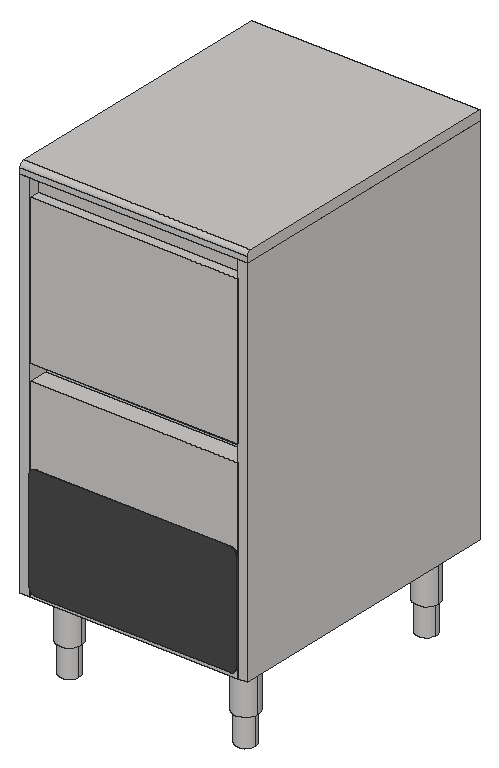
Revit family "QF_ELECTROLUXPROFESSIONAL_730321_ICB47I20SDP", category Attrezzature speciali, Revit 2018
Family settings
  Quota connettore circolare = Usa diametro
  Tipo di parte = Normale
  Basato su piano di lavoro = No
  Sempre verticale = Sì
  Taglio con vuoti quando caricato = No
  Condiviso = No
  Punto di calcolo locali = No
Parameters (values of type "Standard")
  Weight = 45.00 kg
  Watts = 1000 W
  Volts = 220 V
  URL Manufacturer = "https://www.electroluxprofessional.com/"
  URL = "https://www.electroluxprofessional.com/"
  Steam Supply Size = 0 mm
  Steam Supply Minimum Pressure = 0.0 Pa
  Steam Supply Maximum Pressure = 0.0 Pa
  Steam Pounds per Hour = 0
  Show Logo [instance] = yes
  Show Clearance [instance] = yes
  Refrigeration Suction Line Size = 0 mm
  Refrigeration Liquid Line Size = 0 mm
  Refrigerant Compressor Remote = yes
  Produttore = "Electrolux Professional"
  Phase = 1
  Modello = "ICB47I20SDP"
  Length Actual = 465 mm  # constant formula
  Item Number = "730321"
  Hot Water Size = 0 mm
  Height Actual = 894 mm  # constant formula
  HP = "1.3 HP"
  Gas Size = 0 mm
  Gas KW = 0
  Gas Input Pressure = 0 W
  Descrizione = "AIR COOLED ICE CUBER 22GR 47KG/24H-BIN 20KG DRAIN PUMP"
  Depth Actual = 595 mm  # constant formula
  Cycle = 50 Hz
  Condensate Return Size = 0 mm
  Compressed Air Volume = 0.0 L/s
  Compressed Air Size = 0 mm
  Compressed Air Pressure = 0.0 Pa
  Cold Water Size = 19.05 mm
  Accessory = yes
Reference planes
  plane 1 "Center X": y = 272.851
  plane 2: z = 0
  plane 3 "Center Y": x = -501.5
  plane 4 "LEFT": x = -734
  plane 5 "RIGHT": x = -269
  plane 6 "FRONT": y = -24.149
  plane 7 "BACK": y = 569.851
  plane 8: z = 155
  plane 9: z = 944
  plane 10: z = 924
  plane 11: x = -714
  plane 12: x = -289
  plane 13: y = 15.851
Forms (mm)
  Extrusion 1, solid, material "QF_Finishes_Black"
    sketch origin (-217.296, -24.149, 371.513) x (-1, 0, 0) y (0, 0, -1)
      loop
        arc (481.704, -21.487) -> (492.311, -17.093) -> (496.704, -6.487) r 15
        line (496.704, -6.487) -> (496.704, 194.469)
        arc (496.704, 194.469) -> (492.311, 205.075) -> (481.704, 209.469) r 15
        line (481.704, 209.469) -> (86.704, 209.469)
        arc (86.704, 209.469) -> (76.097, 205.075) -> (71.704, 194.469) r 15
        line (71.704, 194.469) -> (71.704, -6.487)
        arc (71.704, -6.487) -> (76.097, -17.093) -> (86.704, -21.487) r 15
        line (86.704, -21.487) -> (481.704, -21.487)
    from 0 to 2
  Extrusion 2, solid, material "QF_Finishes_Stainless Steel"
    sketch origin (-501.5, 0, 0) x (0, 1, 0) y (0, 0, 1)
      loop
        line (569.851, 924) -> (569.851, 944) -> (-14.149, 944)
        arc (-14.149, 944) -> (-21.22, 941.071) -> (-24.149, 934) r 10
        line (-24.149, 934) -> (-24.149, 924) -> (569.851, 924)
    from -232.5 to 232.5
  Extrusion 3, solid, material "QF_Finishes_Stainless Steel"
    sketch origin (-321.2, 569.851, -329.545) x (1, 0, 0) y (0, 0, -1)
      loop
        circle (-16.8, -655.545) r 10
    from 0 to 10
  Extrusion 4, solid, material "QF_Finishes_Stainless Steel"
    sketch origin (0, 0, 0) x (1, 0, 0) y (0, 1, 0)
      loop
        line (-734, 569.851) -> (-734, -24.149) -> (-714, -24.149) -> (-714, 569.851) -> (-734, 569.851)
    from 155 to 924
  Extrusion 5, solid, material "QF_Finishes_Stainless Steel"
    sketch origin (0, 0, 0) x (1, 0, 0) y (0, 1, 0)
      loop
        line (-289, 569.851) -> (-289, -24.149) -> (-269, -24.149) -> (-269, 569.851) -> (-289, 569.851)
    from 155 to 924
  Extrusion 6, solid, material "QF_Finishes_Stainless Steel"
    sketch origin (0, 0, 0) x (1, 0, 0) y (0, 1, 0)
      loop
        line (-714, 569.851) -> (-714, 15.851) -> (-289, 15.851) -> (-289, 569.851) -> (-714, 569.851)
    from 155 to 924
  Extrusion 7, solid, material "QF_Finishes_Stainless Steel"
    sketch origin (0, 0, 0) x (1, 0, 0) y (0, 1, 0)
      loop
        line (-714, -24.149) -> (-289, -24.149) -> (-289, 15.851) -> (-714, 15.851) -> (-714, -24.149)
    from 155 to 550.848
  Extrusion 8, solid, material "QF_Finishes_Stainless Steel"
    sketch origin (-501.5, 0, 0) x (0, 1, 0) y (0, 0, 1)
      loop
        line (15.851, 924) -> (-4.149, 924) -> (-4.149, 888) -> (-24.149, 888) -> (-24.149, 584.768) -> (-4.149, 584.768) -> (-4.149, 569) -> (15.851, 569) -> (15.851, 924)
    from -212.5 to 212.5
  Extrusion 9, solid, material "QF_Finishes_Stainless Steel"
    sketch origin (-303.2, 569.851, -440.545) x (1, 0, 0) y (0, 0, -1)
      loop
        circle (-16.8, -655.545) r 10
    from 0 to 10
  Extrusion 10, solid, material "QF_Finishes_Stainless Steel"
    sketch origin (-363.2, 569.851, -361.545) x (1, 0, 0) y (0, 0, -1)
      loop
        circle (-16.8, -655.545) r 10
    from 0 to 10
Lines and regions (mm)
  Split face 1
    outline origin (-501.5, -4.149, 924) x (0, 0, -1) y (1, 0, 0)
      loop
        line (5.715, 89.928) -> (30.715, 89.928) -> (30.715, 129.928) -> (5.715, 129.928) -> (5.715, 89.928)
  symbolic lines
    curve 1: line (-734, 569.851, 0) -> (-269, 569.851, 0)
    curve 2: line (-734, -24.149, 0) -> (-734, 569.851, 0)
    curve 3: line (-269, -24.149, 0) -> (-734, -24.149, 0)
    curve 4: line (-269, 569.851, 0) -> (-269, -24.149, 0)
Dimensions and locks
  equal spacing: plane 4 "LEFT", plane 3 "Center Y", plane 5 "RIGHT"
  plane 4 "LEFT" to plane 5 "RIGHT" = 465 mm
  equal spacing: plane 7 "BACK", plane 1 "Center X", plane 6 "FRONT"
  plane 7 "BACK" to plane 6 "FRONT" = 594 mm
  plane 8 to plane 2 = 155 mm
  plane 9 to plane 8 = 789 mm
  locked: plane 4 "LEFT" to plane 11 at 20
  locked: plane 12 to plane 5 "RIGHT" at 20
  locked: plane 9 to plane 10 at 20
  locked: plane 13 to plane 6 "FRONT" at 40
  aligned and locked: level to plane 2
  aligned and locked: plane 5 "RIGHT" to Extrusion 2
  aligned and locked: Extrusion 2 to plane 4 "LEFT"
  aligned and locked: Extrusion 4 sketch curve to Extrusion 2  (x2)
  aligned and locked: plane 6 "FRONT" to Extrusion 4 sketch curve
  aligned and locked: Extrusion 4 sketch curve to plane 11
  aligned and locked: Extrusion 5 sketch curve to plane 7 "BACK"
  aligned and locked: plane 12 to Extrusion 5 sketch curve
  aligned and locked: Extrusion 5 sketch curve to Extrusion 2  (x2)
  aligned and locked: plane 10 to Extrusion 4
  aligned and locked: plane 10 to Extrusion 5
  aligned and locked: Extrusion 4 to plane 8
  aligned and locked: Extrusion 5 to plane 8
  aligned and locked: Extrusion 6 sketch curve to Extrusion 4
  aligned and locked: Extrusion 4 to Extrusion 6 sketch curve
  aligned and locked: plane 13 to Extrusion 6 sketch curve
  aligned and locked: Extrusion 6 sketch curve to plane 12
  aligned and locked: plane 10 to Extrusion 6
  aligned and locked: Extrusion 6 to plane 8
  aligned and locked: Extrusion 4 to Extrusion 7 sketch curve
  aligned and locked: Extrusion 7 sketch curve to Extrusion 4
  aligned and locked: plane 13 to Extrusion 7 sketch curve
  aligned and locked: plane 12 to Extrusion 7 sketch curve
  aligned and locked: Extrusion 7 to plane 8
  aligned and locked: plane 12 to Extrusion 8
  aligned and locked: Extrusion 8 to plane 11
Automatic sketch dimensions
  curve 3 to plane 4 "LEFT" = 0 mm
  curve 3 to plane 5 "RIGHT" = 0 mm
  curve 3 to plane 6 "FRONT" = 0 mm
  curve 2 to plane 7 "BACK" = 0 mm
  Extrusion 1 sketch curve to plane 12 = 0 mm
  plane 8 to Extrusion 1 sketch curve = 7.044 mm
  Extrusion 1 sketch curve to Extrusion 1 sketch curve = 15 mm  (x3)
  plane 11 to Extrusion 1 sketch curve = 15 mm  (x2)
  Extrusion 1 sketch curve to Extrusion 1 sketch curve = 200.956 mm
  Extrusion 2 sketch curve to plane 6 "FRONT" = 0 mm
  Extrusion 2 sketch curve to plane 9 = 0 mm
  Extrusion 2 sketch curve to plane 7 "BACK" = 0 mm
  Extrusion 2 sketch curve to plane 10 = 0 mm
  plane 6 "FRONT" to Extrusion 2 sketch curve = 10 mm
  Extrusion 6 to Extrusion 3 sketch curve = 171 mm
  Extrusion 3 sketch curve to Extrusion 6 = 49 mm
  Extrusion 8 sketch curve to plane 6 "FRONT" = 0 mm
  Extrusion 8 sketch curve to plane 10 = 0 mm
  Extrusion 8 sketch curve to plane 13 = 0 mm
  plane 6 "FRONT" to Extrusion 8 sketch curve = 20 mm  (x2)
  Extrusion 8 sketch curve to plane 10 = 36 mm
  Extrusion 8 sketch curve to Extrusion 8 sketch curve = 303.232 mm
  Extrusion 8 sketch curve to Extrusion 8 sketch curve = 15.768 mm
  Split face 1 sketch curve to Extrusion 8 = 5.715 mm
  Extrusion 8 to Split face 1 sketch curve = 5.285 mm
  Split face 1 sketch curve to Extrusion 8 = 122.572 mm
  Split face 1 sketch curve to Split face 1 sketch curve = 40 mm
  Extrusion 9 sketch curve to Extrusion 6 = 31 mm
  Extrusion 6 to Extrusion 9 sketch curve = 60 mm
  Extrusion 10 sketch curve to Extrusion 6 = 91 mm
  Extrusion 6 to Extrusion 10 sketch curve = 139 mm
  radius of Extrusion 3 sketch curve = 10 mm
  radius of Extrusion 9 sketch curve = 10 mm
  radius of Extrusion 10 sketch curve = 10 mm
Nested families
  nested 1: "Foot_Complete" at (-682, 36.851, 0), type "Foot_Complete"
    with H 155 mm
  nested 2: "Foot_Complete" at (-321, 36.851, 0) x (-1, 0, 0) z (0, 0, 1), type "Foot_Complete"
    with H 155 mm
  nested 3: "Foot_Complete" at (-682, 498.851, 0), type "Foot_Complete"
    with H 155 mm
  nested 4: "Foot_Complete" at (-321, 498.851, 0) x (-1, 0, 0) z (0, 0, 1), type "Foot_Complete"
    with H 155 mm
Connectors
  electrical at (-320, 579.851, 215), driven by "Volts"
    settings: on Extrusion 9, index 1, voltage 220 V, apparent load 0 VA, apparent load phase1 0 VA, apparent load phase2 0 VA, apparent load phase3 0 VA, power factor 1, load classification "Altro", number of poles 1, system type 30, power factor state 1, is connector primary yes, connector utility no, sub classification motor no, connector description "Electrical Connection"
  piping at (-338, 579.851, 326), diameter 20
    settings: on Extrusion 3, index 2, connector inside diameter 609.6 mm, connector length 0 mm, flow factor 0, pipe flow 0.0 L/s, pressure drop 0.0 Pa, fitting loss kfactor 0, connector angle 0.00°, fixture units 0, engagement length 0 mm, angle of deflection 0.00°, flow configuration 0, flow direction 0, fitting loss method 0, system type 20, joint type 0, gender type 0, connector reference index -1, connector utility 0, adjustable connector no, is connector primary yes, connector description "Cold water"
  piping at (-380, 579.851, 294), diameter 20
    settings: on Extrusion 10, index 3, connector inside diameter 609.6 mm, connector length 0 mm, flow factor 0, pipe flow 0.0 L/s, pressure drop 0.0 Pa, fitting loss kfactor 0, connector angle 0.00°, fixture units 0, engagement length 0 mm, angle of deflection 0.00°, flow configuration 0, flow direction 0, fitting loss method 0, system type 16, joint type 0, gender type 0, connector reference index -1, connector utility 0, adjustable connector no, is connector primary no, connector description "Drain"
Definition of nested family "Foot_Complete"
  Parameters (values of type "Foot_Complete")
    R = 25 mm
    H = 153 mm
  Reference planes
    plane 1 "Centro (Fronte/Retro)": y = 0
    plane 2: z = 0
    plane 3 "Centro (Sinistra/Destra)": x = 0
    plane 4: z = 153
  Forms (mm)
    Revolve 1, solid
      sketch origin (255.05, 0, 608.09) x (0, 0, 1) y (-1, 0, 0)
        loop
          line (-608.09, 255.05) -> (-608.09, 235.05) -> (-548.09, 235.05) -> (-548.09, 230.05) -> (-455.09, 230.05) -> (-455.09, 255.05) -> (-608.09, 255.05)
        axis (-608.09, 255.05) -> (-455.09, 255.05)
      angle from 0 to 360
  Dimensions and locks
    level to Revolve 1 sketch curve = 60 mm
    "R": Revolve 1 sketch curve to plane 3 "Centro (Sinistra/Destra)"
    "H": plane 4 to level
    aligned and locked: level to plane 2
    aligned and locked: plane 4 to Revolve 1 sketch curve
    aligned and locked: Revolve 1 sketch curve to level
    aligned and locked: plane 3 "Centro (Sinistra/Destra)" to Revolve 1 sketch curve
  Automatic sketch dimensions
    Revolve 1 sketch curve to plane 3 "Centro (Sinistra/Destra)" = 0 mm
    plane 3 "Centro (Sinistra/Destra)" to Revolve 1 sketch curve = 20 mm
    Revolve 1 sketch curve to Revolve 1 sketch curve = 50 mm
    Revolve 1 sketch curve to Revolve 1 sketch curve = 20 mm
